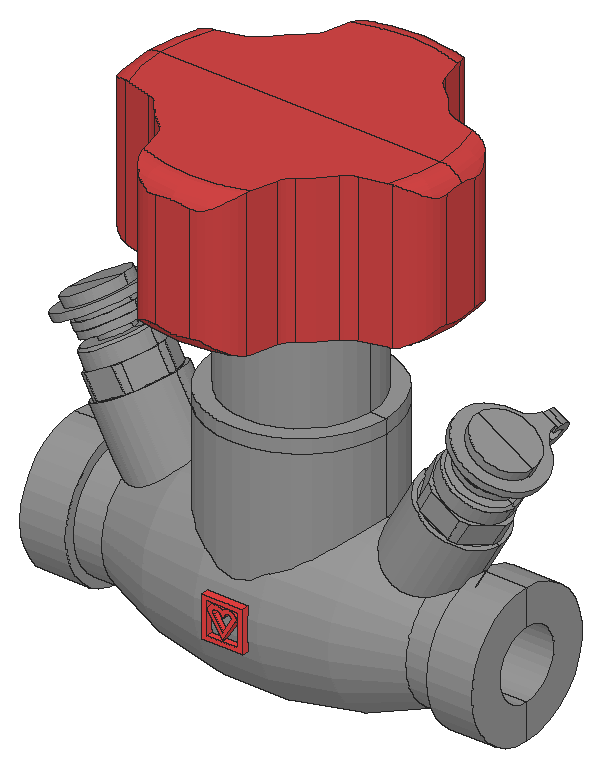
Revit family "HERZ Strömax Commissioning Valve With Test Points, Straight Body 4217 GM (LF-MF)", category Rohrzubehör, Revit 2018
Family settings
  Bemaßung runder Anschluss = Durchmesser verwenden
  Teiletyp = Unterbricht
  OmniClass-Nummer = 23.65.55.14
  OmniClass-Titel = Valves for Liquid Services
  Arbeitsebenenbasiert = Nein
  Immer vertikal = Ja
  Beim Laden mit Abzugskörper schneiden = Nein
  Gemeinsam genutzt = Nein
Parameters (values of type "MF")
  kvs-value [instance] = if(and(LF, Nennweite = 15.00 mm), 0.93, if(and(MF, Nennweite = 15.00 mm), 3.49, 0))  # 3.49
  W02 = 60.00°  # constant formula
  W01 = 30.00°  # constant formula
  URL = "www.herzvalves.com"
  SC_NennweiteBerechnet = 0
  SC_Dimension = ""
  SCRNSEQ = "ARM;ARM_TYP=\"STRV\";2"
  SCRNCODE = "05;07;02"  # constant formula
  S02 = 60.00 mm  # constant formula
  S01 [instance] = H00 + H01  # 68.20 mm
  R01 [instance] = 21.00 mm  # constant formula
  Part number [instance] = if(and(LF, Nennweite = 15.00 mm), 1421730, if(and(MF, Nennweite = 15.00 mm), 1421731, 0))  # 1421731
  Nennweite [instance] = 15.00 mm
  Model = "STRÖMAX-GM commissioning valve with test points, 1/2′′ – 3′′:\r\nScrew down model, brass version, socket x socket, non-rising spindle, spindle seal by means of double-O-ring, presetting by limitation of valve lift by means of internal spindle;\r\ndigital display of presetting step at the hand wheel window.\r\n2 standard test points are located adjacent to the hand wheel."
  Medium = "Water purity in accordance with the OeNORM H5195 and VDI 2035 standards.\r\nEthylene and propylene glycol can be mixed to a ratio of 25 - 50 vol. [%]."
  Max. operating pressure = 1600000.0 Pa  # constant formula
  Max. operating temperature (up to DN32) = 130 °C  # constant formula
  Max. operating temperature (from DN40) = 110 °C  # constant formula
  ML02 [instance] = 30.20 mm  # constant formula
  ML01 [instance] = 20.67 mm  # constant formula
  MF [instance] = yes
  MD01 = 9.50 mm  # constant formula
  LF [instance] = no
  L02 [instance] = 10.00 mm  # constant formula
  L01 [instance] = 16.30 mm  # constant formula
  L00 [instance] = 100.00 mm  # constant formula
  IG [instance] = Nennweite / 2  # 7.50 mm
  Hersteller = "HERZ Armaturen Ges.m.b.H."  # constant formula
  H04 [instance] = 2.50 mm  # constant formula
  H03 = 10.00 mm  # constant formula
  H02 [instance] = 3.00 mm  # constant formula
  H01 [instance] = 33.30 mm  # constant formula
  H00 [instance] = 34.90 mm  # constant formula
  Weight [instance] = if(and(LF, Nennweite = 15.00 mm), "0.86 kg", if(and(MF, Nennweite = 15.00 mm), "0.89 kg", "0 kg"))  # "0.89 kg"
  GT [instance] = 15.00 mm  # constant formula
  Field of application = "For hydraulic balancing in heating and cooling systems, adjustment of distribution mains, circuits, heat exchangers, heating and cooling registers, etc."
  Installation position = "The non-rising valve spindle arranged perpendicular to the valve axis guarantees optimum accessibility and optimum valve operation in any installation position."
  Differential pressure measurement = "STRÖMAX-GM commissioning valve is equipped with two test points.\r\nThe differential pressure can be measured using a suitable measuring instrument, which permits calculation of the flow rate as a function of the respective presetting step.\r\nThe HERZ-Measuring computer (1 8900 05) permits direct flow rate reading (consult the equipment manual)."
  DN50-DN80 [instance] = H00 + H01  # 68.20 mm
  DN15-DN40 [instance] = H00 + H01  # 68.20 mm
  DN15 [instance] = Nennweite = 15.00 mm  # yes
  D06 [instance] = 15.40 mm  # constant formula
  D05 [instance] = 13.15 mm  # constant formula
  D04 = 9.00 mm  # constant formula
  D03 [instance] = 19.00 mm  # constant formula
  D02 [instance] = 15.25 mm  # constant formula
  D01 [instance] = 13.20 mm  # constant formula
  Body = "DZR brass"  # constant formula
Types (3, lengths in mm): name | kvs-value | Part number | MF | LF | Weight
  (no name) | 3.49 | 1421731 | yes | no | "0.89 kg"
  LF | 0.93 | 1421730 | no | yes | "0.86 kg"
  MF | 3.49 | 1421731 | yes | no | "0.89 kg"
Reference planes
  plane 1 "Mitte (Vorne/hinten)": y = 0
  plane 2: z = 0
  plane 3 "Mitte (Links/rechts)": x = 0
Forms (mm)
  Revolve 1, solid, material "Messing, weicher Gelbton, geschweißt", detail levels fine
    sketch origin (0, 0, 0) x (1, 0, 0) y (0, 0, 1)
      loop
        line (-50, 15.25) -> (-50, 7.5) -> (-35, 7.5) -> (-35, 0) -> (35, 0) -> (35, 7.5) -> (50, 7.5) -> (50, 15.25) -> (40, 15.25) -> (40, 13.2) -> (33.7, 13.2)
        arc (33.7, 13.2) -> (0, 21) -> (-33.7, 13.2) r 76.701
        line (-33.7, 13.2) -> (-40, 13.2) -> (-40, 15.25) -> (-50, 15.25)
      axis (-50, 0) -> (50, 0)
    angle from 0 to 360
  Revolve 2, solid, material "Messing, weicher Gelbton, geschweißt", detail levels fine
    sketch origin (0, 0, 0) x (1, 0, 0) y (0, 0, 1)
      loop
        line (20.67, 0) -> (35.77, 26.154) -> (27.543, 30.904) -> (12.443, 4.75) -> (20.67, 0)
      axis (20.67, 0) -> (35.77, 26.154)
    angle from 0 to 360
  Revolve 3, solid, material "Messing, weicher Gelbton, geschweißt", detail levels fine
    sketch origin (0, 0, 0) x (1, 0, 0) y (0, 0, 1)
      loop
        line (0, 0) -> (0, 34.9) -> (-19, 34.9) -> (-19, 0) -> (0, 0)
      axis (0, 34.9) -> (0, 0)
    angle from 0 to 360
  Revolve 4, solid, material "Messing, weicher Gelbton, geschweißt", detail levels fine
    sketch origin (0, 0, 0) x (-1, 0, 0) y (0, 0, 1)
      loop
        line (20.67, 0) -> (35.77, 26.154) -> (27.543, 30.904) -> (12.443, 4.75) -> (20.67, 0)
      axis (20.67, 0) -> (35.77, 26.154)
    angle from 0 to 360
  Revolve 5, solid, material "Messing, weicher Gelbton, geschweißt", detail levels fine
    sketch origin (0, 0, 0) x (1, 0, 0) y (0, 0, 1)
      loop
        line (0, 34.9) -> (0, 68.2) -> (-9, 68.2) -> (-9, 58.2) -> (-13.15, 58.2) -> (-13.15, 55.7) -> (-15.4, 55.7) -> (-15.4, 37.9) -> (-19, 37.9) -> (-19, 34.9) -> (0, 34.9)
      axis (0, 68.2) -> (0, 34.9)
    angle from 0 to 360
Lines and regions (mm)
  model lines, detail levels coarse+medium
    curve 1: line (-50, 0, 15.25) -> (-50, 0, -15.25)
    curve 2: line (-50, 0, -15.25) -> (50, 0, 15.25)
    curve 3: line (50, 0, 15.25) -> (50, 0, -15.25)
    curve 4: line (50, 0, -15.25) -> (-50, 0, 15.25)
    curve 5: line (0, 0, 0) -> (39.375, 0, 68.2)
    curve 6: line (13.395, 0, 83.2) -> (65.356, 0, 53.2)
    curve 7: line (-50, 15.25, 0) -> (-50, -15.25, 0)
    curve 8: line (-50, -15.25, 0) -> (50, 15.25, 0)
    curve 9: line (50, 15.25, 0) -> (50, -15.25, 0)
    curve 10: line (50, -15.25, 0) -> (-50, 15.25, 0)
    curve 11: line (0, 0, 0) -> (39.375, 68.2, 0)
    curve 12: line (13.395, 83.2, 0) -> (65.356, 53.2, 0)
Dimensions and locks
  "IG": Revolve 1 sketch curve to plane 2
  "GT": Revolve 1 sketch curve to Revolve 1 sketch curve  (x2)
  "IG": Revolve 1 sketch curve to Revolve 1 sketch curve
  "D01": Revolve 1 sketch curve to Revolve 1 sketch curve  (x2)
  "R01": Revolve 1 sketch curve to Revolve 1 sketch curve
  "L02": Revolve 1 sketch curve to Revolve 1 sketch curve  (x2)
  "L01": Revolve 1 sketch curve to Revolve 1 sketch curve  (x2)
  "D02": Revolve 1 sketch curve to plane 2  (x2)
  equal spacing: Revolve 1 sketch curve, plane 3 "Mitte (Links/rechts)", Revolve 1 sketch curve
  "L00": Revolve 1 sketch curve to Revolve 1 sketch curve
  "R01": nested 1 to plane 1 "Mitte (Vorne/hinten)"
  "ML01": Revolve 2 sketch curve to plane 3 "Mitte (Links/rechts)"
  "H00": Revolve 3 sketch curve to plane 2
  "D03": Revolve 3 sketch curve to Revolve 3 sketch curve
  "ML02": Revolve 2 sketch curve to Revolve 2 sketch curve
  "MD01": Revolve 2 sketch curve to Revolve 2 sketch curve  (x2)
  "ML02": Revolve 4 sketch curve to Revolve 4 sketch curve
  "MD01": Revolve 4 sketch curve to Revolve 4 sketch curve  (x2)
  "ML01": plane 3 "Mitte (Links/rechts)" to Revolve 4 sketch curve
  "H00": Revolve 5 sketch curve to plane 2
  "H01": Revolve 5 sketch curve to Revolve 5 sketch curve
  "D04": Revolve 5 sketch curve to Revolve 5 sketch curve
  "D03": Revolve 5 sketch curve to Revolve 5 sketch curve
  "D05": Revolve 5 sketch curve to Revolve 5 sketch curve
  "D06": Revolve 5 sketch curve to Revolve 5 sketch curve
  "H02": Revolve 5 sketch curve to Revolve 5 sketch curve
  "H03": Revolve 5 sketch curve to Revolve 5 sketch curve
  "H04": Revolve 5 sketch curve to Revolve 5 sketch curve
  "DN15-DN40": nested 2 to plane 2
  "D02": curve 4 to plane 2 to curve 2
  "D02": curve 3 to plane 2 to curve 4
  equal spacing: curve 1, plane 3 "Mitte (Links/rechts)", curve 3
  "L00": curve 1 to curve 3
  equal spacing: Revolve 1, curve 5, Revolve 1
  "S01": curve 5 to plane 2
  equal spacing: curve 6, curve 5, curve 6
  "S02": curve 6 to curve 6
  "D02": curve 8 to plane 1 "Mitte (Vorne/hinten)" to curve 10
  "D02": curve 10 to plane 1 "Mitte (Vorne/hinten)" to curve 9
  equal spacing: curve 7, plane 3 "Mitte (Links/rechts)", curve 9
  "L00": curve 7 to curve 9
  equal spacing: curve 7, curve 11, curve 9
  "S01": plane 1 "Mitte (Vorne/hinten)" to curve 11
  equal spacing: curve 12, curve 11, curve 12
  "S02": curve 12 to curve 12
  "W01": angle Revolve 2 sketch curve to plane 3 "Mitte (Links/rechts)"  (x2)
  "W01": angle plane 3 "Mitte (Links/rechts)" to Revolve 4 sketch curve  (x2)
  "W02": angle plane 2 to curve 5
  "W02": angle plane 1 "Mitte (Vorne/hinten)" to curve 11
  aligned and locked: level to plane 2
Automatic sketch dimensions
  Revolve 1 sketch curve to level = 0.00 mm  (x2)
  Revolve 1 sketch curve to Revolve 1 sketch curve = 1429.986 mm
  Revolve 1 sketch curve to Revolve 1 sketch curve = 1762.604 mm
  Revolve 2 sketch curve to level = 0.00 mm  (x2)
  Revolve 3 sketch curve to level = 0.00 mm
  Revolve 3 sketch curve to plane 3 "Mitte (Links/rechts)" = 0.00 mm  (x2)
  Revolve 3 sketch curve to Revolve 3 sketch curve = 366.045 mm
  Revolve 3 sketch curve to Revolve 3 sketch curve = 2179.415 mm
  Revolve 4 sketch curve to level = 0.00 mm  (x2)
  Revolve 5 sketch curve to plane 3 "Mitte (Links/rechts)" = 0.00 mm  (x2)
  Revolve 5 sketch curve to level = 366.045 mm
  Revolve 5 sketch curve to Revolve 5 sketch curve = 2146.115 mm
Nested families
  nested 1: "Herz-Logo-vorne" at (0, -21, 0) x (0, 1, 0) z (0, 0, 1), type "Herz-Logo-vorne", detail levels fine
  nested 2: "Strangregulierventil-Handrad-Gerade (Rot) DN15-DN40" at (0, 0, 68.2), visible <- "DN15", type "Strangregulierventil-Handrad-Gerade (Rot) DN15-DN40", detail levels fine
    with Nennweite 0.00 mm, Gewicht 0.00 kg, Bestellnummer 0
  nested 3: "Messstutzen_Band_Austritt_30Grad_(oben)" at (27.02, 0, 10.999), visible <- "DN15", type "Messstutzen_Band_Austritt_30Grad_(oben)", detail levels fine
    with Schutzkappe yes, Nennweite 0.00 mm, Gewicht 0.00 kg, Bestellnummer 0
  nested 4: "Messstutzen_Band_Eintritt_30Grad_(oben)" at (-27.02, 0, 10.999) x (-1, 0, 0) z (0, 0, 1), visible <- "DN15", type "Messstutzen_Band_Eintritt_30Grad_(oben)", detail levels fine
    with Schutzkappe yes, Nennweite 0.00 mm, Gewicht 0.00 kg, Bestellnummer 0
Connectors
  piping at (-35, 0, 0), diameter 15, driven by "Nennweite"
    settings: on Revolve 1, index 1, connector inside diameter 609.6 mm, connector length 0.00 mm, flow factor 0, pipe flow 0.0 L/s, pressure drop 0.0 Pa, fitting loss kfactor 0, connector angle 0.00°, fixture units 0, engagement length 0.00 mm, angle of deflection 0.00°, flow configuration 0, flow direction 1, fitting loss method 0, system type 29, joint type 0, gender type 0, connector reference index -1, connector utility 0, adjustable connector no, is connector primary yes, connector description ""
  piping at (35, 0, 0), diameter 15, driven by "Nennweite"
    settings: on Revolve 1, index 2, connector inside diameter 609.6 mm, connector length 0.00 mm, flow factor 0, pipe flow 0.0 L/s, pressure drop 0.0 Pa, fitting loss kfactor 0, connector angle 0.00°, fixture units 0, engagement length 0.00 mm, angle of deflection 0.00°, flow configuration 0, flow direction 2, fitting loss method 0, system type 29, joint type 0, gender type 0, connector reference index -1, connector utility 0, adjustable connector no, is connector primary no, connector description ""
Definition of nested family "Herz-Logo-vorne"
  Reference planes
    plane 1 "Mitte (Vorne/hinten)": y = 0
    plane 2: z = 0
    plane 3 "Mitte (Links/rechts)": x = 0
  Forms (mm)
    Extrusion 1, solid
      sketch origin (0.732, -0.018, 0.017) x (0, -1, 0) y (0, 0, 1)
        loop
          line (-0.018, -4.517) -> (4.482, -4.517) -> (4.482, 4.483) -> (-4.518, 4.483) -> (-4.518, -4.517) -> (-0.018, -4.517)
        loop
          line (-0.05, -3.48) -> (3.482, -3.48) -> (3.482, 3.483) -> (-3.518, 3.483) -> (-3.518, -3.48) -> (-0.05, -3.48)
        loop
          arc (-0.018, 2.383) -> (-1.543, 3.287) -> (-3.067, 2.383) r 1.738
          arc (-3.067, 2.383) -> (-3.191, 1.899) -> (-3.067, 1.415) r 1.009
          line (-3.067, 1.415) -> (-0.018, -3.281) -> (3.032, 1.415)
          arc (3.032, 1.415) -> (3.156, 1.899) -> (3.032, 2.383) r 1.009
          arc (3.032, 2.383) -> (1.507, 3.287) -> (-0.018, 2.383) r 1.738
        loop
          arc (1.885, 1.272) -> (2.005, 1.675) -> (1.885, 2.079) r 0.74
          arc (1.885, 2.079) -> (1.265, 2.416) -> (0.644, 2.079) r 0.74
          line (0.644, 2.079) -> (-0.018, 0.97) -> (-0.679, 2.079)
          arc (-0.679, 2.079) -> (-1.3, 2.416) -> (-1.921, 2.079) r 0.74
          arc (-1.921, 2.079) -> (-2.04, 1.675) -> (-1.921, 1.272) r 0.74
          line (-1.921, 1.272) -> (-0.018, -1.658) -> (1.885, 1.272)
      from 0 to 1.5
  Dimensions and locks
    aligned and locked: level to plane 2
Definition of nested family "Strangregulierventil-Handrad-Gerade (Rot) DN15-DN40"
  Parameters (values of type "Strangregulierventil-Handrad-Gerade (Rot) DN15-DN40")
    URL = "www.herz-armaturen.at"
    Nennweite [instance] = 0.00 mm
    Manufacturer = "Herz Armaturen GmbH"  # constant formula
    Gewicht [instance] = 0.00 kg
    Bestellnummer [instance] = 0
  Reference planes
    plane 1 "Mitte (Vorne/hinten)": y = 0
    plane 2: z = 0
    plane 3 "Mitte (Links/rechts)": x = 0
  Forms (mm)
    Revolve 1, solid, detail levels fine
      sketch origin (0, 0, 0) x (1, 0, 0) y (0, 0, 1)
        loop
          line (0, 0) -> (0, 24.95) -> (-30.992, 24.95)
          arc (-30.992, 24.95) -> (-34.37, 23.636) -> (-35.973, 20.386) r 5
          line (-35.973, 20.386) -> (-37, 8.65) -> (-35.986, -2.936)
          arc (-35.986, -2.936) -> (-34.383, -6.186) -> (-31.005, -7.5) r 5
          line (-31.005, -7.5) -> (-15, -7.5) -> (-15, 0) -> (0, 0)
        axis (0, 24.95) -> (0, -7.5)
      angle from 0 to 360
    Extrusion 2, void
      sketch origin (0, 0, 20.3) x (1, 0, 0) y (0, 1, 0)
        loop
          line (3.861, 35.5) -> (-3.861, 35.5)
          arc (-3.861, 35.5) -> (-8.731, 33.847) -> (-11.589, 29.571) r 8
          line (-11.589, 29.571) -> (-13.284, 23.245)
          arc (-13.284, 23.245) -> (-13.982, 21.722) -> (-15.144, 20.516) r 5
          arc (-15.144, 20.516) -> (-18.031, 18.031) -> (-20.516, 15.144) r 25.5
          arc (-20.516, 15.144) -> (-21.722, 13.982) -> (-23.245, 13.284) r 5
          line (-23.245, 13.284) -> (-29.571, 11.589)
          arc (-29.571, 11.589) -> (-33.847, 8.731) -> (-35.5, 3.861) r 8
          line (-35.5, 3.861) -> (-35.5, -3.861)
          arc (-35.5, -3.861) -> (-33.847, -8.731) -> (-29.571, -11.589) r 8
          line (-29.571, -11.589) -> (-23.245, -13.284)
          arc (-23.245, -13.284) -> (-21.722, -13.982) -> (-20.516, -15.144) r 5
          arc (-20.516, -15.144) -> (-18.031, -18.031) -> (-15.144, -20.516) r 25.5
          arc (-15.144, -20.516) -> (-13.982, -21.722) -> (-13.284, -23.245) r 5
          line (-13.284, -23.245) -> (-11.589, -29.571)
          arc (-11.589, -29.571) -> (-8.731, -33.847) -> (-3.861, -35.5) r 8
          line (-3.861, -35.5) -> (3.861, -35.5)
          arc (3.861, -35.5) -> (8.731, -33.847) -> (11.589, -29.571) r 8
          line (11.589, -29.571) -> (13.284, -23.245)
          arc (13.284, -23.245) -> (13.982, -21.722) -> (15.144, -20.516) r 5
          arc (15.144, -20.516) -> (18.031, -18.031) -> (20.516, -15.144) r 25.5
          arc (20.516, -15.144) -> (21.722, -13.982) -> (23.245, -13.284) r 5
          line (23.245, -13.284) -> (29.571, -11.589)
          arc (29.571, -11.589) -> (33.847, -8.731) -> (35.5, -3.861) r 8
          line (35.5, -3.861) -> (35.5, 3.861)
          arc (35.5, 3.861) -> (33.847, 8.731) -> (29.571, 11.589) r 8
          line (29.571, 11.589) -> (23.245, 13.284)
          arc (23.245, 13.284) -> (21.722, 13.982) -> (20.516, 15.144) r 5
          arc (20.516, 15.144) -> (18.031, 18.031) -> (15.144, 20.516) r 25.5
          arc (15.144, 20.516) -> (13.982, 21.722) -> (13.284, 23.245) r 5
          line (13.284, 23.245) -> (11.589, 29.571)
          arc (11.589, 29.571) -> (8.731, 33.847) -> (3.861, 35.5) r 8
        loop
          circle (0, 0) r 38
      from -31.266 to 7.923
  Cuts and joins
    Extrusion 2 cuts Revolve 1
  Dimensions and locks
    Revolve 1 sketch curve to Revolve 1 sketch curve = 15.00 mm
    Revolve 1 sketch curve to Revolve 1 sketch curve = 16.15 mm
    Revolve 1 sketch curve to Revolve 1 sketch curve = 16.30 mm
    angle Revolve 1 sketch curve to Revolve 1 sketch curve = 95.00°
    aligned and locked: level to plane 2
Definition of nested family "Messstutzen_Band_Austritt_30Grad_(oben)"
  Parameters (values of type "Messstutzen_Band_Austritt_30Grad_(oben)")
    URL = "www.herz-armaturen.at"
    Schutzkappe [instance] = yes
    Nennweite [instance] = 0.00 mm
    Manufacturer = "Herz Armaturen GmbH"  # constant formula
    Gewicht [instance] = 0.00 kg
    Bestellnummer [instance] = 0
  Reference planes
    plane 1 "Mitte (Vorne/hinten)": y = 0
    plane 2: z = 0
    plane 3 "Mitte (Links/rechts)": x = 0
  Forms (mm)
    Revolve 1, solid, detail levels fine
      sketch origin (0, 0, 0) x (0.866025, 0, -0.5) y (0.5, 0, 0.866025)
        loop
          line (-7.4, 9) -> (-5.55, 9) -> (-5.55, 6)
          arc (-5.55, 6) -> (-5.626, 5.617) -> (-5.843, 5.293) r 1
          line (-5.843, 5.293) -> (-6.455, 4.681) -> (-6.455, 0.9) -> (-5.555, 0) -> (-2, 0) -> (-2, 17.5) -> (-8.4, 17.5)
          arc (-8.4, 17.5) -> (-7.693, 17.207) -> (-7.4, 16.5) r 1
          line (-7.4, 16.5) -> (-7.4, 9)
        loop
          line (-3.7, 27) -> (-7.3, 27) -> (-7.9, 26.4) -> (-7.9, 23) -> (-2, 23) -> (-2, 35.8) -> (-3.805, 35.8) -> (-4.415, 35.19) -> (-4.415, 30.863) -> (-3.7, 30.45) -> (-3.7, 27)
        axis (0, 0) -> (0, 35.8)
      angle from 0 to 360
    Extrusion 2, solid, detail levels fine
      sketch origin (8.75, 0, 15.155) x (0, 1, 0) y (-0.866025, 0, 0.5)
        loop
          arc (-7.07, 5.156) -> (-7.578, 4.375) -> (-8, 3.544) r 8.75
          line (-8, 3.544) -> (-8, -3.544)
          arc (-8, -3.544) -> (-7.578, -4.375) -> (-7.07, -5.156) r 8.75
          line (-7.07, -5.156) -> (-0.93, -8.7)
          arc (-0.93, -8.7) -> (0, -8.75) -> (0.93, -8.7) r 8.75
          line (0.93, -8.7) -> (7.07, -5.156)
          arc (7.07, -5.156) -> (7.578, -4.375) -> (8, -3.544) r 8.75
          line (8, -3.544) -> (8, 3.544)
          arc (8, 3.544) -> (7.578, 4.375) -> (7.07, 5.156) r 8.75
          line (7.07, 5.156) -> (0.93, 8.7)
          arc (0.93, 8.7) -> (0, 8.75) -> (-0.93, 8.7) r 8.75
          line (-0.93, 8.7) -> (-7.07, 5.156)
      from 0 to 5.5
    Revolve 3, solid, visible <- "Schutzkappe", detail levels fine
      sketch origin (0, 0, 0) x (0.866025, 0, -0.5) y (0.5, 0, 0.866025)
        loop
          line (0, 35.878) -> (0, 36.678) -> (-7, 36.678) -> (-7, 33.378) -> (-6.1, 33.378) -> (-6.1, 31.678) -> (-6.9, 31.678) -> (-6.9, 30.178) -> (-4.415, 30.178) -> (-4.415, 35.268) -> (-3.805, 35.878) -> (0, 35.878)
        axis (0, 30.178) -> (0, 36.678)
      angle from 0 to 360
    Extrusion 4, solid, detail levels fine
      sketch origin (14.25, 0, 24.682) x (0, 1, 0) y (0.866025, 0, -0.5)
        loop
          circle (0, 0) r 3.7
        loop
          arc (5.505, -3.906) -> (7.288, -2.358) -> (9.582, -1.8) r 5
          line (9.582, -1.8) -> (9.582, 1.8)
          arc (9.582, 1.8) -> (7.288, 2.358) -> (5.505, 3.906) r 5
          arc (5.505, 3.906) -> (-6.75, 0) -> (5.505, -3.906) r 6.75
      from 0 to -1.5
    Extrusion 5, solid, detail levels fine
      sketch origin (16.589, 0, 28.733) x (0, 1, 0) y (0.866025, 0, -0.5)
        loop
          circle (0, 0) r 6.1
        loop
          arc (8.652, -4.495) -> (10.493, -2.527) -> (13.089, -1.8) r 5
          line (13.089, -1.8) -> (13.089, 1.8)
          arc (13.089, 1.8) -> (10.493, 2.527) -> (8.652, 4.495) r 5
          arc (8.652, 4.495) -> (-9.75, 0) -> (8.652, -4.495) r 9.75
      from 0 to -1.5
    Sweep 6, solid, detail levels fine
      path origin (1.029, 0.159, 0.98) x (-0.5, 0, -0.866025) y (0, 1, 0)
        loop
          line (-27.75, 9.582) -> (-27.75, 14.522)
          arc (-27.75, 14.522) -> (-30.089, 16.862) -> (-32.428, 14.522) r 2.339
          line (-32.428, 14.522) -> (-32.428, 13.089)
      profile origin (14.904, 12.211, 25.012) x (0.5, 0, 0.866025) y (0.866025, 0, -0.5)
        loop
          line (-0.75, -1.8) -> (0.75, -1.8) -> (0.75, 1.8) -> (-0.75, 1.8) -> (-0.75, -1.8)
  Dimensions and locks
    aligned and locked: level to plane 2
Definition of nested family "Messstutzen_Band_Eintritt_30Grad_(oben)"
  Parameters (values of type "Messstutzen_Band_Eintritt_30Grad_(oben)")
    URL = "www.herz-armaturen.at"
    Schutzkappe [instance] = yes
    Nennweite [instance] = 0.00 mm
    Manufacturer = "Herz Armaturen GmbH"  # constant formula
    Gewicht [instance] = 0.00 kg
    Bestellnummer [instance] = 0
  Reference planes
    plane 1 "Mitte (Vorne/hinten)": y = 0
    plane 2: z = 0
    plane 3 "Mitte (Links/rechts)": x = 0
  Forms (mm)
    Revolve 1, solid, detail levels fine
      sketch origin (0, 0, 0) x (0.866025, 0, -0.5) y (0.5, 0, 0.866025)
        loop
          line (-7.4, 9) -> (-5.55, 9) -> (-5.55, 6)
          arc (-5.55, 6) -> (-5.626, 5.617) -> (-5.843, 5.293) r 1
          line (-5.843, 5.293) -> (-6.455, 4.681) -> (-6.455, 0.9) -> (-5.555, 0) -> (-2, 0) -> (-2, 17.5) -> (-8.4, 17.5)
          arc (-8.4, 17.5) -> (-7.693, 17.207) -> (-7.4, 16.5) r 1
          line (-7.4, 16.5) -> (-7.4, 9)
        loop
          line (-3.7, 27) -> (-7.3, 27) -> (-7.9, 26.4) -> (-7.9, 23) -> (-2, 23) -> (-2, 35.8) -> (-3.805, 35.8) -> (-4.415, 35.19) -> (-4.415, 30.863) -> (-3.7, 30.45) -> (-3.7, 27)
        axis (0, 0) -> (0, 35.8)
      angle from 0 to 360
    Extrusion 2, solid, detail levels fine
      sketch origin (8.75, 0, 15.155) x (0, 1, 0) y (-0.866025, 0, 0.5)
        loop
          arc (-7.07, 5.156) -> (-7.578, 4.375) -> (-8, 3.544) r 8.75
          line (-8, 3.544) -> (-8, -3.544)
          arc (-8, -3.544) -> (-7.578, -4.375) -> (-7.07, -5.156) r 8.75
          line (-7.07, -5.156) -> (-0.93, -8.7)
          arc (-0.93, -8.7) -> (0, -8.75) -> (0.93, -8.7) r 8.75
          line (0.93, -8.7) -> (7.07, -5.156)
          arc (7.07, -5.156) -> (7.578, -4.375) -> (8, -3.544) r 8.75
          line (8, -3.544) -> (8, 3.544)
          arc (8, 3.544) -> (7.578, 4.375) -> (7.07, 5.156) r 8.75
          line (7.07, 5.156) -> (0.93, 8.7)
          arc (0.93, 8.7) -> (0, 8.75) -> (-0.93, 8.7) r 8.75
          line (-0.93, 8.7) -> (-7.07, 5.156)
      from 0 to 5.5
    Revolve 3, solid, visible <- "Schutzkappe", detail levels fine
      sketch origin (0, 0, 0) x (0.866025, 0, -0.5) y (0.5, 0, 0.866025)
        loop
          line (0, 35.878) -> (0, 36.678) -> (-7, 36.678) -> (-7, 33.378) -> (-6.1, 33.378) -> (-6.1, 31.678) -> (-6.9, 31.678) -> (-6.9, 30.178) -> (-4.415, 30.178) -> (-4.415, 35.268) -> (-3.805, 35.878) -> (0, 35.878)
        axis (0, 30.178) -> (0, 36.678)
      angle from 0 to 360
    Extrusion 4, solid, detail levels fine
      sketch origin (14.25, 0, 24.682) x (0, 1, 0) y (0.866025, 0, -0.5)
        loop
          circle (0, 0) r 3.7
        loop
          arc (5.505, -3.906) -> (7.288, -2.358) -> (9.582, -1.8) r 5
          line (9.582, -1.8) -> (9.582, 1.8)
          arc (9.582, 1.8) -> (7.288, 2.358) -> (5.505, 3.906) r 5
          arc (5.505, 3.906) -> (-6.75, 0) -> (5.505, -3.906) r 6.75
      from 0 to -1.5
    Extrusion 5, solid, detail levels fine
      sketch origin (16.589, 0, 28.733) x (0, 1, 0) y (0.866025, 0, -0.5)
        loop
          circle (0, 0) r 6.1
        loop
          arc (8.652, -4.495) -> (10.493, -2.527) -> (13.089, -1.8) r 5
          line (13.089, -1.8) -> (13.089, 1.8)
          arc (13.089, 1.8) -> (10.493, 2.527) -> (8.652, 4.495) r 5
          arc (8.652, 4.495) -> (-9.75, 0) -> (8.652, -4.495) r 9.75
      from 0 to -1.5
    Sweep 6, solid, detail levels fine
      path origin (0.933, -0.183, 1.116) x (-0.5, 0, -0.866025) y (0, 1, 0)
        loop
          line (-27.75, 9.582) -> (-27.75, 14.522)
          arc (-27.75, 14.522) -> (-30.089, 16.862) -> (-32.428, 14.522) r 2.339
          line (-32.428, 14.522) -> (-32.428, 13.089)
      profile origin (14.808, 11.869, 25.148) x (0.5, 0, 0.866025) y (0.866025, 0, -0.5)
        loop
          line (-0.75, -1.8) -> (0.75, -1.8) -> (0.75, 1.8) -> (-0.75, 1.8) -> (-0.75, -1.8)
  Dimensions and locks
    aligned and locked: level to plane 2
